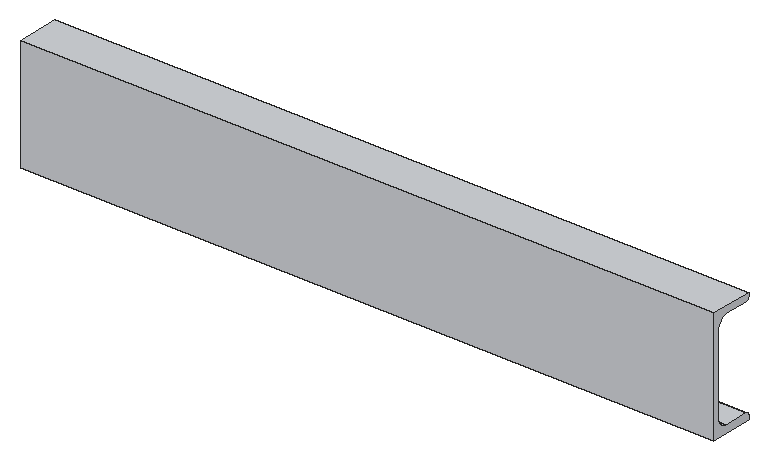
Revit family "StructuralFraming_ChannelProfile", category Structural Framing, Revit 2018
Family settings
  Structural Framing Length Roundoff = 1 mm
  Section Shape = C-channel Parallel Flange
  Material for Model Behavior = Steel
  Always export as geometry = No
  Always vertical = Yes
  Cut with Voids When Loaded = No
  Symbolic Representation = From Project Settings
  Shared = No
  Show family pre-cut in plan views = Yes
Parameters (values of type "ChannelProfile")
  Width = 74.8 mm
  Web Toe of Fillet = 0 mm
  Web Thickness = 8 mm
  Web Fillet = 20 mm
  Warping Constant = (empty or 0)
  Torsional Moment of Inertia = 0 cm⁴
  Torsional Modulus = 0 cm³
  Structural Material [instance] = none
  Shear Area weak axis = 0.0 cm²
  Shear Area strong axis = 0.0 cm²
  Section Area = 0.0 cm²
  Principal Axes Angle = 0.00°
  Plastic Modulus weak axis = 0 cm³
  Plastic Modulus strong axis = 0 cm³
  Perimeter = (empty or 0)
  Nominal Weight = 0 N/m
  Moment of Inertia weak axis = 0 cm⁴
  Moment of Inertia strong axis = 0 cm⁴
  Height = 200 mm
  Flange Toe of Fillet = 5 mm
  Flange Thickness = 12 mm
  Elastic Modulus weak axis = 0 cm³
  Elastic Modulus strong axis = 0 cm³
  Clear Web Height = 0 mm
  Centroid Vertical = 0 mm
  Centroid Horizontal = 22 mm
  Bolt Spacing = 0 mm
  built-in parameter 1005539 = (empty or 0)
  Assembly Code = ""
  Length [instance] = 1500 mm
Reference planes
  plane 1 "Center (Front/Back)": y = 0
  plane 2: z = 0
  plane 3 "Center (Left/Right)": x = 4.61
  plane 4 "Member Left": x = -604.99
  plane 5 "Member Right": x = 614.21
  plane 6 "Top": z = 100
  plane 7: z = -100
  plane 8 "Left": x = -757.39
  plane 9 "Right": x = 742.61
  plane 10: y = -22
  plane 11: y = 52.8
Forms (mm)
  Sweep 1, solid, material <- "Structural Material", detail levels fine
    path origin (0, 0, 0) x (1, 0, 0) y (0, 1, 0)
      loop
        line (614.21, 0) -> (-604.99, 0)
    profile "ChannelProfile-Fine : ChannelProfile-Fine" origin (4.61, 0, 0) x (0, -1, 0) y (0, 0, 1)
      loop
        line (22, -100) -> (22, 100) -> (-52.8, 100) -> (-52.8, 93)
        arc (-52.8, 93) -> (-51.336, 89.464) -> (-47.8, 88) r 5
        line (-47.8, 88) -> (-6, 88)
        arc (-6, 88) -> (8.142, 82.142) -> (14, 68) r 20
        line (14, 68) -> (14, -68)
        arc (14, -68) -> (8.142, -82.142) -> (-6, -88) r 20
        line (-6, -88) -> (-47.8, -88)
        arc (-47.8, -88) -> (-51.336, -89.464) -> (-52.8, -93) r 5
        line (-52.8, -93) -> (-52.8, -100) -> (22, -100)
  Sweep 2, solid, material <- "Structural Material", detail levels medium
    path origin (0, 0, 0) x (1, 0, 0) y (0, 1, 0)
      loop
        line (614.21, 0) -> (-604.99, 0)
    profile "ChannelProfile-Medium : ChannelProfile-Medium" origin (4.61, 0, 0) x (0, -1, 0) y (0, 0, 1)
      loop
        line (22, -100) -> (22, 100) -> (-52.8, 100) -> (-52.8, 88) -> (14, 88) -> (14, -88) -> (-52.8, -88) -> (-52.8, -100) -> (22, -100)
Lines and regions (mm)
  symbolic lines, style "Hidden Faces", detail levels medium+fine
    curve 1: line (-604.99, 77, 0) -> (614.21, 77, 0)
    curve 2: line (-604.99, 77, 86.531) -> (614.21, 77, 86.531)
    curve 3: line (-604.99, 77, -86.531) -> (614.21, 77, -86.531)
  symbolic lines, style "Stick Symbols", detail levels coarse
    curve 4: line (4.61, -22, 100) -> (4.61, 52.8, 100)
    curve 5: line (4.61, -22, -100) -> (4.61, -22, 100)
    curve 6: line (4.61, 52.8, -100) -> (4.61, -22, -100)
Dimensions and locks
  "Height": plane 7 to plane 6 "Top"
  equal spacing: plane 7, plane 2, plane 6 "Top"
  "Length": plane 8 "Left" to plane 9 "Right"
  "Centroid Horizontal": plane 1 "Center (Front/Back)" to plane 10
  "Width": plane 11 to plane 10
  aligned and locked: plane 4 "Member Left" to curve 1
  aligned and locked: plane 5 "Member Right" to curve 1
  aligned and locked: plane 4 "Member Left" to curve 2
  aligned and locked: plane 5 "Member Right" to curve 2
  aligned and locked: plane 4 "Member Left" to curve 3
  aligned and locked: plane 5 "Member Right" to curve 3
  aligned and locked: curve 5 to plane 10
Automatic sketch dimensions
  curve 1 to plane 11 = 24.2 mm
  plane 7 to curve 6 = 0 mm
  curve 6 to plane 11 = 0 mm
  plane 6 "Top" to curve 4 = 0 mm
  curve 4 to plane 11 = 0 mm
  curve 3 to plane 7 = 13.469 mm
  plane 6 "Top" to curve 2 = 13.469 mm
  plane 1 "Center (Front/Back)" to Sweep 1 sketch curve = 0 mm
  Sweep 1 sketch curve to plane 4 "Member Left" = 0 mm
  Sweep 1 sketch curve to plane 5 "Member Right" = 0 mm
  plane 1 "Center (Front/Back)" to Sweep 2 sketch curve = 0 mm
  Sweep 2 sketch curve to plane 4 "Member Left" = 0 mm
  Sweep 2 sketch curve to plane 5 "Member Right" = 0 mm
